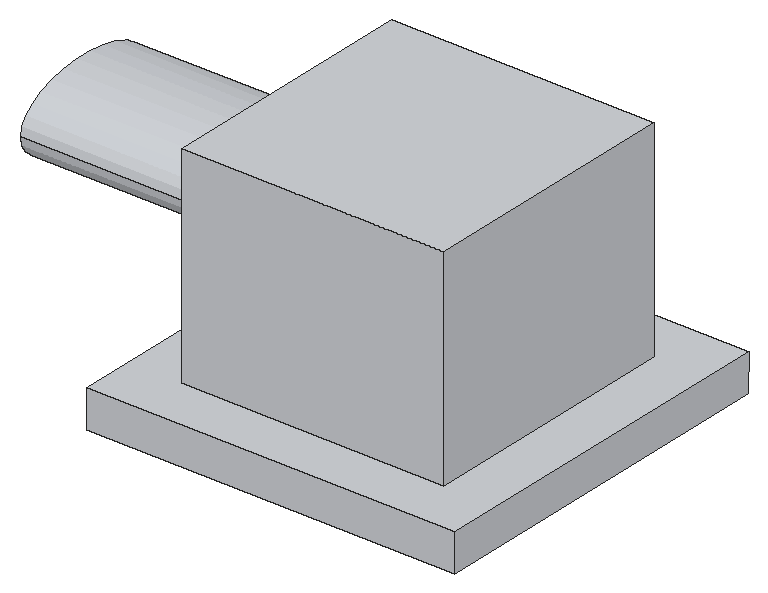
Revit family "DuctAccessories_FireDamper_Kilargo_IFD-CE4", category Duct Accessories, Revit 2014
Parameters (values of type "IFD-CE3")
  URL = "http://www.kilargo.com.au/"
  SpigotWidth [instance] = 150 mm
  SpigotHeight [instance] = 75 mm
  PlasterBoardThickness = 35.316 mm
  ModifiedIssue_ANZRS = 20150115.74  # constant formula
  Manufacturer = "Kilargo"  # constant formula
  DamperWidth [instance] = 250 mm
  SpigotOffsetVertical [instance] = 120 mm
  SpigotLength [instance] = 193.402 mm
  OffsetHelp2 [instance] = OffsetHelp1 - DamperOffsetVertical  # 800 mm
  OffsetHelp1 [instance] = 1000 mm
  DamperHeight = 200 mm
  DamperOffsetVertical [instance] = 200 mm
  DamperLength [instance] = 250 mm
  CreatedByURL_ANZRS = "www.thinkbimmepaus.com.au"
  CreatedBy = "A2K Technologies"  # constant formula
Reference planes
  plane 1 "Center (Front/Back)": y = 0
  plane 2: z = 0
  plane 3 "Center (Left/Right)": x = 0
  plane 4: x = -125
  plane 5 "Baseplane": z = 235.316
  plane 6: z = 355.316
  plane 7: x = -318.402
  plane 8: z = 1000
  plane 9 "Top": z = 435.316
  plane 10: x = -175
  plane 11: y = -175
  plane 12: x = 175
  plane 13: y = 175
  plane 14: z = 200
  plane 15: y = 125
Forms (mm)
  Extrusion 1, solid
    sketch origin (-382.705, -1524, 235.316) x (-1, 0, 0) y (0, -1, 0)
      loop
        line (-507.705, -1399) -> (-507.705, -1649) -> (-257.705, -1649) -> (-257.705, -1399) -> (-507.705, -1399)
    from 200 to 0
  Extrusion 2, solid
    sketch origin (0, 0, 0) x (0, 1, 0) y (0, 0, 1)
      loop
        spline (75, 355.316) -> (72.444, 365.022) -> (64.952, 374.066) -> (53.033, 381.833) -> (37.5, 387.792) -> (19.411, 391.538) -> (0, 392.816) -> (-19.411, 391.538) -> (-37.5, 387.792) -> (-53.033, 381.833) -> (-64.952, 374.066) -> (-72.444, 365.022) -> (-75, 355.316)
        spline (-75, 355.316) -> (-72.444, 345.611) -> (-64.952, 336.566) -> (-53.033, 328.8) -> (-37.5, 322.84) -> (-19.411, 319.094) -> (0, 317.816) -> (19.411, 319.094) -> (37.5, 322.84) -> (53.033, 328.8) -> (64.952, 336.566) -> (72.444, 345.611) -> (75, 355.316)
    from -318.402 to -125
  Extrusion 3, solid
    sketch origin (-382.705, -1524, 235.316) x (-1, 0, 0) y (0, -1, 0)
      loop
        line (-207.705, -1699) -> (-207.705, -1349) -> (-557.705, -1349) -> (-557.705, -1699) -> (-207.705, -1699)
    from 0 to -35.316
Dimensions and locks
  "SpigotLength": plane 7 to plane 4
  "SpigotOffsetVertical": plane 6 to plane 5 "Baseplane"
  "OffsetHelp1": plane 8 to plane 2
  "OffsetHelp2": plane 8 to plane 14
  "SpigotHeight": Extrusion 2 sketch curve to Extrusion 2 sketch curve
  "SpigotWidth": Extrusion 2 sketch curve to Extrusion 2 sketch curve
  "DamperHeight": plane 9 "Top" to plane 5 "Baseplane"
  equal spacing: plane 11, plane 1 "Center (Front/Back)", plane 13
  equal spacing: plane 10, plane 3 "Center (Left/Right)", plane 12
  "PlasterBoardThickness": plane 5 "Baseplane" to plane 14
  locked: plane 10 to plane 4 at 50
  locked: plane 13 to plane 15 at 50
  aligned and locked: level to plane 2
  aligned and locked: plane 4 to Extrusion 1 sketch curve
  aligned and locked: Extrusion 2 to plane 7
  aligned and locked: plane 4 to Extrusion 2
  aligned and locked: plane 10 to Extrusion 3
  aligned and locked: plane 11 to Extrusion 3
  aligned and locked: plane 12 to Extrusion 3
  aligned and locked: plane 13 to Extrusion 3
  aligned and locked: plane 9 "Top" to Extrusion 1
  aligned and locked: Extrusion 1 to plane 5 "Baseplane"
  aligned and locked: plane 15 to Extrusion 1
Automatic sketch dimensions
  Extrusion 3 sketch curve to plane 4 = 50 mm
  Extrusion 1 sketch curve to plane 13 = 50 mm
  Extrusion 3 sketch curve to plane 13 = 0 mm
  Extrusion 1 sketch curve to plane 11 = 50 mm
  plane 11 to Extrusion 3 sketch curve = 0 mm
  Extrusion 1 sketch curve to plane 12 = 50 mm
  Extrusion 3 sketch curve to plane 12 = 0 mm
  Extrusion 2 sketch curve to plane 1 "Center (Front/Back)" = 0 mm
  Extrusion 2 sketch curve to plane 6 = 0 mm
Connectors
  hvac at (0, 0, 0), driven by "DamperLength", driven by "DamperWidth"
    settings: on plane 2, index 3, duct flow 0.0 L/s, flow factor 0, pres drop 0.0 Pa, loss coef 0, conn angle 0.00°, conn width 250 mm, conn height 250 mm, conn diameter 609.6 mm, duct sys type 3, conn prof type 1, flow config 0, flow direction 0, loss method 0, conn ref index -1, conn util no, is conn primary yes, conn desc ""
  hvac at (-125, 0, 355.316), driven by "SpigotWidth", driven by "SpigotHeight"
    settings: on Extrusion 2, index 4, duct flow 0.0 L/s, flow factor 0, pres drop 0.0 Pa, loss coef 0, conn angle 0.00°, conn width 150 mm, conn height 75 mm, conn diameter 609.6 mm, duct sys type 3, conn prof type 2, flow config 0, flow direction 0, loss method 0, conn ref index -1, conn util no, is conn primary no, conn desc ""
